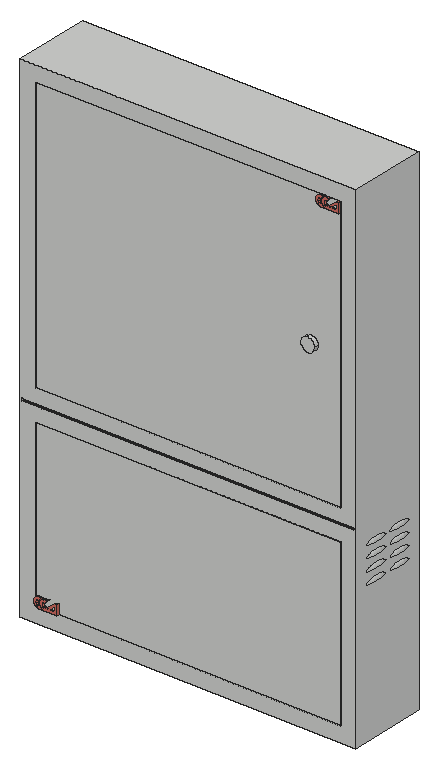
Revit family "120909-00127 Шкаф ШРП-В800, без плинтов ССД", category Обобщенные модели, Revit 2019
Family settings
  Может служить основой для арматурных стержней = Нет
  Размер круглого соединителя = Использовать диаметр
  Тип детали = Нормальный
  На основе рабочей плоскости = Нет
  Всегда вертикально = Да
  При загрузке вырезать с полостями = Нет
  Общий = Нет
  Точка расчета площади = Нет
Parameters (values of type "ШРП-В/800 (пустой)")
  Толшина 5 = 5 mm  # constant formula
  Смещение от пола [instance] = 300 mm
  Описание = "Шкаф ШРП-В/800, без плинтов ССД"
  Ноль = 0 mm  # constant formula
  Материал каркаса = RAL 7035
  Материал букв = Красный металл
  Видимость шпонки [instance] = if(ADSK_Размер_Глубина > 250 mm, 1 = 1, 1 = 0)  # no
  ADSK_Этаж [instance] = ""
  ADSK_Размер_Ширина = 860 mm
  ADSK_Размер_Глубина = 200 mm
  ADSK_Размер_Высота = 1280 mm
  ADSK_Примечание [instance] = ""
  ADSK_Предел огнестойкости = ""
  ADSK_Позиция [instance] = ""
  ADSK_Обозначение = ""
  ADSK_Наименование краткое = "ШРП-В/800 (пустой)"
  ADSK_Наименование = "Шкаф ШРП-В/800, без плинтов ССД"
  ADSK_Масса_Текст = "50.5"
  ADSK_Марка [instance] = ""
  ADSK_Количество [instance] = 1  # constant formula
  ADSK_Код изделия = "120909-00127"
  ADSK_Зона = ""
  ADSK_Завод-изготовитель = "АО СВЯЗЬСТРОЙДЕТАЛЬ"  # constant formula
  ADSK_Единица измерения = "шт"  # constant formula
  ADSK_URL страницы изделия = "https://www.ssd.ru/shkaf-shrp-v-800-bez-plintov"
  ADSK_URL документации изделия = "shr_decl_2017.pdf (ssd.ru)"
Reference planes
  plane 1 "тттт": y = 0
  plane 2: z = 0
  plane 3 "УУУУ": x = 0
  plane 4: y = 100
  plane 5 "ЕЕЕ": y = -100
  plane 6: x = 430
  plane 7: x = -430
  plane 8: z = 300
  plane 9: z = 800
  plane 10: z = 1580
  plane 11 "Внутриность": y = 96
  plane 12: y = -96
  plane 13: x = -426
  plane 14: x = 426
  plane 15 "П1": z = 761
  plane 16: z = 339
  plane 17: z = 1541
  plane 18: z = 839
  plane 19: x = -391
  plane 20: x = 391
  plane 21: z = 803.251
  plane 22: z = 796.957
  plane 23: z = 1576.047
  plane 24: z = 304
  plane 25: y = -37
  plane 26: y = 37
  plane 27 "П2": z = 750
  plane 28 "П3": z = 720
  plane 29 "П4": z = 690
  plane 30 "П5": z = 660
  plane 31: z = 1190
  plane 32: x = 315
  plane 33: y = -110
Forms (mm)
  Extrusion 1, void, not visible, detail levels fine
    sketch origin (-20, 0, 0) x (1, 0, 0) y (0, 0, 1)
      loop
        arc (-281.999, 290) -> (-261.999, 270) -> (-241.999, 290) r 20
        line (-241.999, 290) -> (-241.999, 370)
        arc (-241.999, 370) -> (-261.999, 390) -> (-281.999, 370) r 20
        line (-281.999, 370) -> (-281.999, 290)
    from 90 to 190
  Extrusion 2, void, not visible
    sketch origin (-20, 0, 225) x (1, 0, 0) y (0, 0, 1)
      loop
        circle (-261.999, 215) r 6.5
    from 90 to 190
  Extrusion 3, void, not visible, detail levels fine
    sketch origin (20, 0, 0) x (-1, 0, 0) y (0, 0, -1)
      loop
        line (-281.999, -290) -> (-281.999, -370)
        arc (-281.999, -370) -> (-261.999, -390) -> (-241.999, -370) r 20
        line (-241.999, -370) -> (-241.999, -290)
        arc (-241.999, -290) -> (-261.999, -270) -> (-281.999, -290) r 20
    from 90 to 190
  Extrusion 4, void, not visible
    sketch origin (20, 0, 225) x (-1, 0, 0) y (0, 0, -1)
      loop
        circle (-261.999, -215) r 6.5
    from 90 to 190
  Extrusion 5, void, not visible
    sketch origin (0, 0, 220) x (0, 1, 0) y (0, 0, 1)
      loop
        circle (-102, 220) r 3.036
      loop
        circle (-172.959, 220) r 3.036
      loop
        circle (-122, 237) r 3.036
      loop
        circle (-157.959, 237) r 3.036
      loop
        circle (-121.964, 203) r 3.036
      loop
        circle (-158.036, 203) r 3.036
      loop
        arc (-162.48, 75) -> (-137.48, 50) -> (-112.48, 75) r 25
        line (-112.48, 75) -> (-112.48, 145)
        arc (-112.48, 145) -> (-137.48, 170) -> (-162.48, 145) r 25
        line (-162.48, 145) -> (-162.48, 75)
    from -312 to 312
  Extrusion 6, solid, material "RAL 7035" <- "Материал каркаса", detail levels medium+fine
    sketch origin (0, 0, 0) x (1, 0, 0) y (0, 0, 1)
      loop
        line (-430, 1580) -> (-430, 300) -> (430, 300) -> (430, 1580) -> (-430, 1580)
    from -100 to -96
  Extrusion 7, solid, material "RAL 7035" <- "Материал каркаса", detail levels medium+fine
    sketch origin (0, 0, 0) x (0, 1, 0) y (0, 0, 1)
      loop
        line (-100, 1580) -> (-100, 300) -> (100, 300) -> (100, 1580) -> (-100, 1580)
    from 426 to 430
  Extrusion 8, solid, material "RAL 7035" <- "Материал каркаса", detail levels medium+fine
    sketch origin (0, 0, 0) x (0, 1, 0) y (0, 0, 1)
      loop
        line (-100, 1580) -> (-100, 300) -> (100, 300) -> (100, 1580) -> (-100, 1580)
    from -430 to -426
  Extrusion 9, solid, material "RAL 7035" <- "Материал каркаса", detail levels medium+fine
    sketch origin (0, 0, 0) x (1, 0, 0) y (0, 0, 1)
      loop
        line (-430, 1580) -> (-430, 803.251) -> (430, 803.251) -> (430, 1580) -> (-430, 1580)
      loop
        line (430, 300) -> (430, 796.957) -> (-430, 796.957) -> (-430, 300) -> (430, 300)
      loop
        line (-391, 1541) -> (-391, 839) -> (391, 839) -> (391, 1541) -> (-391, 1541)
      loop
        line (-391, 761) -> (-391, 339) -> (391, 339) -> (391, 761) -> (-391, 761)
    from 96 to 100
  Extrusion 10, solid, material "RAL 7035" <- "Материал каркаса", detail levels medium+fine
    sketch origin (0, 0, 0) x (1, 0, 0) y (0, 0, 1)
      loop
        line (-391, 1541) -> (-391, 839) -> (391, 839) -> (391, 1541) -> (-391, 1541)
      loop
        line (-391, 761) -> (-391, 339) -> (391, 339) -> (391, 761) -> (-391, 761)
    from 96 to 100
  Extrusion 11, solid, material "RAL 7035" <- "Материал каркаса", detail levels medium+fine
    sketch origin (0, 0, 0) x (1, 0, 0) y (0, 1, 0)
      loop
        line (-430, 100) -> (-430, -100) -> (430, -100) -> (430, 100) -> (-430, 100)
    from 300 to 304
  Extrusion 12, solid, material "RAL 7035" <- "Материал каркаса", detail levels medium+fine
    sketch origin (0, 0, 0) x (1, 0, 0) y (0, 1, 0)
      loop
        line (-430, 100) -> (-430, -100) -> (430, -100) -> (430, 100) -> (-430, 100)
    from 1576.047 to 1580
  Extrusion 13, solid, material "RAL 7035" <- "Материал каркаса", detail levels medium+fine
    sketch origin (0, 0, 0) x (1, 0, 0) y (0, 0, 1)
      loop
        circle (315, 1190) r 17.5
    from 100 to 110
  Extrusion 14, solid, material "RAL 7035" <- "Материал каркаса", detail levels coarse
    sketch origin (0, 0, 0) x (1, 0, 0) y (0, 1, 0)
      loop
        line (-430, 100) -> (-430, -100) -> (430, -100) -> (430, 100) -> (-430, 100)
    from 300 to 1580
Cuts and joins
  joined: Extrusion 6, Extrusion 7, Extrusion 8, Extrusion 9, Extrusion 11, Extrusion 12
Dimensions and locks
  equal spacing: plane 7, plane 3 "УУУУ", plane 6
  equal spacing: plane 5 "ЕЕЕ", plane 1 "тттт", plane 4
  "Смещение от пола": plane 2 to plane 8
  "ADSK_Размер_Ширина": plane 7 to plane 6
  "ADSK_Размер_Глубина": plane 4 to plane 5 "ЕЕЕ"
  locked: plane 9 to plane 8 at 500
  "ADSK_Размер_Высота": plane 10 to plane 8
  locked: plane 4 to plane 11 "Внутриность" at 4
  locked: plane 5 "ЕЕЕ" to plane 12 at 4
  locked: plane 7 to plane 13 at 4
  locked: plane 14 to plane 6 at 4
  locked: plane 9 to plane 15 "П1" at 39
  locked: plane 16 to plane 8 at 39
  locked: plane 18 to plane 9 at 39
  locked: plane 10 to plane 17 at 39
  locked: plane 21 to plane 9 at 3.251
  locked: plane 9 to plane 22 at 3.043
  locked: plane 10 to plane 23 at 3.953
  locked: plane 24 to plane 8 at 4
  locked: plane 5 "ЕЕЕ" to plane 25 at 63
  locked: plane 26 to plane 4 at 63
  locked: plane 27 "П2" to plane 9 at 50
  locked: plane 28 "П3" to plane 27 "П2" at 30
  locked: plane 29 "П4" to plane 28 "П3" at 30
  locked: plane 19 to plane 7 at 39
  locked: plane 20 to plane 6 at 39
  locked: plane 30 "П5" to plane 29 "П4" at 30
  equal spacing: plane 10, plane 31, plane 9
  locked: plane 6 to plane 32 at 115
  locked: plane 5 "ЕЕЕ" to plane 33 at 10
  aligned and locked: level to plane 2
  aligned and locked: plane 10 to Extrusion 6 sketch curve
  aligned and locked: plane 7 to Extrusion 6 sketch curve
  aligned and locked: Extrusion 6 sketch curve to plane 6
  aligned and locked: Extrusion 6 sketch curve to plane 8
  aligned and locked: plane 4 to Extrusion 6
  aligned and locked: Extrusion 6 to plane 11 "Внутриность"
  aligned and locked: plane 10 to Extrusion 7 sketch curve
  aligned and locked: Extrusion 7 sketch curve to plane 5 "ЕЕЕ"
  aligned and locked: Extrusion 7 sketch curve to Extrusion 6  (x2)
  aligned and locked: Extrusion 7 to plane 14
  aligned and locked: plane 6 to Extrusion 7
  aligned and locked: plane 10 to Extrusion 8 sketch curve
  aligned and locked: Extrusion 8 sketch curve to plane 5 "ЕЕЕ"
  aligned and locked: Extrusion 8 sketch curve to cut or joined group of Extrusion 6, Extrusion 7, Extrusion 8, Extrusion 9, Extrusion 11, Extrusion 12  (x2)
  aligned and locked: Extrusion 8 to plane 7
  aligned and locked: plane 13 to Extrusion 8
  aligned and locked: Extrusion 9 sketch curve to cut or joined group of Extrusion 6, Extrusion 7, Extrusion 8, Extrusion 9, Extrusion 11, Extrusion 12  (x2)
  aligned and locked: plane 17 to Extrusion 9 sketch curve
  aligned and locked: Extrusion 9 sketch curve to plane 19  (x2)
  aligned and locked: plane 18 to Extrusion 9 sketch curve
  aligned and locked: plane 20 to Extrusion 9 sketch curve  (x2)
  aligned and locked: plane 15 "П1" to Extrusion 9 sketch curve
  aligned and locked: Extrusion 9 sketch curve to plane 16
  aligned and locked: plane 21 to Extrusion 9 sketch curve
  aligned and locked: Extrusion 9 sketch curve to plane 22
  aligned and locked: Extrusion 9 sketch curve to plane 7
  aligned and locked: Extrusion 9 sketch curve to plane 6  (x2)
  aligned and locked: plane 7 to Extrusion 9 sketch curve
  aligned and locked: plane 12 to Extrusion 9
  aligned and locked: plane 5 "ЕЕЕ" to Extrusion 9
  aligned and locked: Extrusion 10 sketch curve to cut or joined group of Extrusion 6, Extrusion 7, Extrusion 8, Extrusion 9, Extrusion 11, Extrusion 12  (x8)
  aligned and locked: plane 12 to Extrusion 10
  aligned and locked: plane 5 "ЕЕЕ" to Extrusion 10
  aligned and locked: Extrusion 11 sketch curve to cut or joined group of Extrusion 6, Extrusion 7, Extrusion 8, Extrusion 9, Extrusion 11, Extrusion 12  (x2)
  aligned and locked: Extrusion 11 sketch curve to plane 5 "ЕЕЕ"
  aligned and locked: Extrusion 11 sketch curve to plane 6
  aligned and locked: plane 24 to Extrusion 11
  aligned and locked: plane 8 to Extrusion 11
  aligned and locked: Extrusion 12 sketch curve to plane 4
  aligned and locked: plane 7 to Extrusion 12 sketch curve
  aligned and locked: Extrusion 12 sketch curve to plane 5 "ЕЕЕ"
  aligned and locked: Extrusion 12 sketch curve to plane 6
  aligned and locked: plane 23 to Extrusion 12
  aligned and locked: Extrusion 12 to plane 10
  aligned and locked: plane 6 to cut or joined group of Extrusion 6, Extrusion 7, Extrusion 8, Extrusion 9, Extrusion 11, Extrusion 12
  aligned and locked: nested 1 to plane 25
  aligned and locked: plane 6 to nested 1
  aligned and locked: nested 2 to plane 1 "тттт"
  aligned and locked: plane 6 to nested 2
  aligned and locked: nested 3 to plane 26
  aligned and locked: plane 6 to nested 3
  aligned and locked: plane 27 "П2" to nested 3
  aligned and locked: plane 27 "П2" to nested 2
  aligned and locked: plane 27 "П2" to nested 1
  aligned and locked: plane 28 "П3" to nested 6
  aligned and locked: plane 28 "П3" to nested 5
  aligned and locked: plane 28 "П3" to nested 4
  aligned and locked: plane 29 "П4" to nested 9
  aligned and locked: plane 29 "П4" to nested 8
  aligned and locked: plane 29 "П4" to nested 7
  aligned and locked: plane 30 "П5" to nested 12
  aligned and locked: plane 30 "П5" to nested 11
  aligned and locked: plane 30 "П5" to nested 10
  aligned and locked: nested 6 to plane 26
  aligned and locked: nested 5 to plane 1 "тттт"
  aligned and locked: nested 4 to plane 25
  aligned and locked: plane 6 to nested 6
  aligned and locked: plane 6 to nested 5
  aligned and locked: plane 6 to nested 4
  aligned and locked: nested 9 to plane 26
  aligned and locked: nested 8 to plane 1 "тттт"
  aligned and locked: nested 7 to plane 25
  aligned and locked: plane 6 to nested 9
  aligned and locked: plane 6 to nested 8
  aligned and locked: plane 6 to nested 7
  aligned and locked: nested 12 to plane 26
  aligned and locked: nested 11 to plane 1 "тттт"
  aligned and locked: nested 10 to plane 25
  aligned and locked: plane 6 to nested 12
  aligned and locked: plane 6 to nested 11
  aligned and locked: plane 6 to nested 10
  aligned and locked: plane 26 to nested 15
  aligned and locked: plane 1 "тттт" to nested 14
  aligned and locked: plane 25 to nested 13
  aligned and locked: nested 13 to plane 7
  aligned and locked: nested 14 to plane 7
  aligned and locked: nested 15 to plane 7
  aligned and locked: plane 27 "П2" to nested 15
  aligned and locked: plane 27 "П2" to nested 14
  aligned and locked: plane 27 "П2" to nested 13
  aligned and locked: nested 13 to plane 27 "П2"
  aligned and locked: nested 14 to plane 27 "П2"
  aligned and locked: nested 15 to plane 27 "П2"
  aligned and locked: plane 28 "П3" to nested 16
  aligned and locked: plane 28 "П3" to nested 17
  aligned and locked: plane 28 "П3" to nested 18
  aligned and locked: plane 29 "П4" to nested 19
  aligned and locked: plane 29 "П4" to nested 20
  aligned and locked: plane 29 "П4" to nested 21
  aligned and locked: plane 30 "П5" to nested 22
  aligned and locked: plane 30 "П5" to nested 23
  aligned and locked: plane 30 "П5" to nested 24
  aligned and locked: plane 25 to nested 16
  aligned and locked: plane 1 "тттт" to nested 17
  aligned and locked: plane 26 to nested 18
  aligned and locked: nested 16 to plane 7
  aligned and locked: nested 17 to plane 7
  aligned and locked: nested 18 to plane 7
  aligned and locked: plane 26 to nested 21
  aligned and locked: nested 21 to plane 7
  aligned and locked: plane 1 "тттт" to nested 20
  aligned and locked: nested 20 to plane 7
  aligned and locked: plane 25 to nested 19
  aligned and locked: nested 19 to plane 7
  aligned and locked: plane 25 to nested 22
  aligned and locked: plane 1 "тттт" to nested 23
  aligned and locked: plane 26 to nested 24
  aligned and locked: nested 24 to plane 7
  aligned and locked: nested 23 to plane 7
  aligned and locked: nested 22 to plane 7
  aligned and locked: plane 32 to Extrusion 13 sketch curve
  aligned and locked: plane 31 to Extrusion 13 sketch curve
  aligned and locked: Extrusion 13 to plane 5 "ЕЕЕ"
  aligned and locked: Extrusion 13 to plane 33
  aligned and locked: plane 5 "ЕЕЕ" to nested 25
  aligned and locked: plane 5 "ЕЕЕ" to nested 26
  aligned and locked: nested 25 to plane 19
  aligned and locked: nested 25 to plane 16
  aligned and locked: plane 20 to nested 26
  aligned and locked: plane 17 to nested 26
  aligned and locked: Extrusion 14 sketch curve to plane 5 "ЕЕЕ"
  aligned and locked: plane 7 to Extrusion 14 sketch curve
  aligned and locked: Extrusion 14 sketch curve to plane 4
  aligned and locked: Extrusion 14 sketch curve to plane 6
  aligned and locked: Extrusion 14 to plane 10
  aligned and locked: plane 8 to Extrusion 14
  aligned and locked: plane 7 to nested 27
  aligned and locked: plane 6 to nested 27
  aligned and locked: nested 27 to plane 10
  aligned and locked: plane 8 to nested 27
Automatic sketch dimensions
  radius of Extrusion 13 sketch curve = 17.5 mm
Nested families
  nested 1: "Впадина" at (430, -37, 750) x (0, 1, 0) z (0, 0, 1), Материал <- "Материал каркаса", type "Впадина", detail levels fine
    with Материал RAL 7035
  nested 2: "Впадина" at (430, 0, 750) x (0, 1, 0) z (0, 0, 1), Материал <- "Материал каркаса", visible <- "Видимость шпонки", type "Впадина", detail levels fine
    with Материал RAL 7035
  nested 3: "Впадина" at (430, 37, 750) x (0, 1, 0) z (0, 0, 1), Материал <- "Материал каркаса", type "Впадина", detail levels fine
    with Материал RAL 7035
  nested 4: "Впадина" at (430, -37, 720) x (0, 1, 0) z (0, 0, 1), Материал <- "Материал каркаса", type "Впадина", detail levels fine
    with Материал RAL 7035
  nested 5: "Впадина" at (430, 0, 720) x (0, 1, 0) z (0, 0, 1), Материал <- "Материал каркаса", visible <- "Видимость шпонки", type "Впадина", detail levels fine
    with Материал RAL 7035
  nested 6: "Впадина" at (430, 37, 720) x (0, 1, 0) z (0, 0, 1), Материал <- "Материал каркаса", type "Впадина", detail levels fine
    with Материал RAL 7035
  nested 7: "Впадина" at (430, -37, 690) x (0, 1, 0) z (0, 0, 1), Материал <- "Материал каркаса", type "Впадина", detail levels fine
    with Материал RAL 7035
  nested 8: "Впадина" at (430, 0, 690) x (0, 1, 0) z (0, 0, 1), Материал <- "Материал каркаса", visible <- "Видимость шпонки", type "Впадина", detail levels fine
    with Материал RAL 7035
  nested 9: "Впадина" at (430, 37, 690) x (0, 1, 0) z (0, 0, 1), Материал <- "Материал каркаса", type "Впадина", detail levels fine
    with Материал RAL 7035
  nested 10: "Впадина" at (430, -37, 660) x (0, 1, 0) z (0, 0, 1), Материал <- "Материал каркаса", type "Впадина", detail levels fine
    with Материал RAL 7035
  nested 11: "Впадина" at (430, 0, 660) x (0, 1, 0) z (0, 0, 1), Материал <- "Материал каркаса", visible <- "Видимость шпонки", type "Впадина", detail levels fine
    with Материал RAL 7035
  nested 12: "Впадина" at (430, 37, 660) x (0, 1, 0) z (0, 0, 1), Материал <- "Материал каркаса", type "Впадина", detail levels fine
    with Материал RAL 7035
  nested 13: "Впадина" at (-430, -37, 750) x (0, -1, 0) z (0, 0, 1), Материал <- "Материал каркаса", type "Впадина", detail levels fine
    with Материал RAL 7035
  nested 14: "Впадина" at (-430, 0, 750) x (0, -1, 0) z (0, 0, 1), Материал <- "Материал каркаса", visible <- "Видимость шпонки", type "Впадина", detail levels fine
    with Материал RAL 7035
  nested 15: "Впадина" at (-430, 37, 750) x (0, -1, 0) z (0, 0, 1), Материал <- "Материал каркаса", type "Впадина", detail levels fine
    with Материал RAL 7035
  nested 16: "Впадина" at (-430, -37, 720) x (0, -1, 0) z (0, 0, 1), Материал <- "Материал каркаса", type "Впадина", detail levels fine
    with Материал RAL 7035
  nested 17: "Впадина" at (-430, 0, 720) x (0, -1, 0) z (0, 0, 1), Материал <- "Материал каркаса", visible <- "Видимость шпонки", type "Впадина", detail levels fine
    with Материал RAL 7035
  nested 18: "Впадина" at (-430, 37, 720) x (0, -1, 0) z (0, 0, 1), Материал <- "Материал каркаса", type "Впадина", detail levels fine
    with Материал RAL 7035
  nested 19: "Впадина" at (-430, -37, 690) x (0, -1, 0) z (0, 0, 1), Материал <- "Материал каркаса", type "Впадина", detail levels fine
    with Материал RAL 7035
  nested 20: "Впадина" at (-430, 0, 690) x (0, -1, 0) z (0, 0, 1), Материал <- "Материал каркаса", visible <- "Видимость шпонки", type "Впадина", detail levels fine
    with Материал RAL 7035
  nested 21: "Впадина" at (-430, 37, 690) x (0, -1, 0) z (0, 0, 1), Материал <- "Материал каркаса", type "Впадина", detail levels fine
    with Материал RAL 7035
  nested 22: "Впадина" at (-430, -37, 660) x (0, -1, 0) z (0, 0, 1), Материал <- "Материал каркаса", type "Впадина", detail levels fine
    with Материал RAL 7035
  nested 23: "Впадина" at (-430, 0, 660) x (0, -1, 0) z (0, 0, 1), Материал <- "Материал каркаса", visible <- "Видимость шпонки", type "Впадина", detail levels fine
    with Материал RAL 7035
  nested 24: "Впадина" at (-430, 37, 660) x (0, -1, 0) z (0, 0, 1), Материал <- "Материал каркаса", type "Впадина", detail levels fine
    with Материал RAL 7035
  nested 25: "ССД" at (-361.016, -100, 339), Материал <- "Материал букв", type "ССД", detail levels fine
    with Материал Красный металл
  nested 26: "ССД" at (361.016, -100, 1515), Материал <- "Материал букв", type "ССД", detail levels fine
    with Материал Красный металл
  nested 27: "ЭУ_Шкаф большой фасад" at (0, 0, 300) x (1, 0, 0) z (0, -1, 0), ADSK_Размер_Высота <- "ADSK_Размер_Высота", ADSK_Размер_Ширина <- "ADSK_Размер_Ширина", type "ЭУ_Шкаф большой фасад", detail levels coarse
    with ADSK_Размер_Ширина 860 mm, ADSK_Размер_Высота 1280 mm
Definition of nested family "Впадина"
  Parameters (values of type "Впадина")
    Материал [instance] = none
    ADSK_Размер_Ширина = 64 mm
  Reference planes
    plane 1 "По центру (Вперед/Назад)": y = 0
    plane 2: z = 0
    plane 3 "По центру (Влево/Вправо)": x = 0
    plane 4: y = -5
    plane 5: x = -32
    plane 6: x = 32
  Forms (mm)
    Sweep 1, solid, material <- "Материал"
      path origin (0, 0, 0) x (1, 0, 0) y (0, 1, 0)
        loop
          arc (-32, 0) -> (0, -5) -> (32, 0) r 104.9
      profile origin (0, -5, 0) x (0, 1, 0) y (0, 0, 1)
        loop
          line (0, 0) -> (1.008, 0)
          arc (1.008, 0) -> (2.037, 5.808) -> (5, 10.909) r 16.9
          line (5, 10.909) -> (5, 12)
          arc (5, 12) -> (1.3, 6.5) -> (0, 0) r 16.9
  Lines and regions (mm)
    symbolic lines
      curve 1: line (-32, 0, 0) -> (32, 0, 0)
      curve 2: line (0, 0, 0) -> (0, -5, 0)
      curve 3: line (-32, 0, 0) -> (32, 0, 0)
  Dimensions and locks
    equal spacing: plane 5, plane 3 "По центру (Влево/Вправо)", plane 6
    "ADSK_Размер_Ширина": plane 5 to plane 6
    plane 4 to plane 1 "По центру (Вперед/Назад)" = 5 mm
    aligned and locked: level to plane 2
    aligned and locked: plane 5 to Sweep 1 sketch curve
    aligned and locked: plane 1 "По центру (Вперед/Назад)" to Sweep 1 sketch curve  (x3)
    aligned and locked: plane 6 to Sweep 1 sketch curve
    aligned and locked: plane 1 "По центру (Вперед/Назад)" to curve 1
    aligned and locked: curve 2 to plane 3 "По центру (Влево/Вправо)"
    aligned and locked: curve 3 to plane 2
  Automatic sketch dimensions
    Sweep 1 sketch curve to plane 1 "По центру (Вперед/Назад)" = 99.9 mm
    Sweep 1 sketch curve to profile plane = 0 mm
    Sweep 1 sketch curve to level = 0 mm
    Sweep 1 sketch curve to Sweep 1 sketch curve = 11.9 mm
    Sweep 1 sketch curve to Sweep 1 sketch curve = 1.008 mm
    Sweep 1 sketch curve to Sweep 1 sketch curve = 1.091 mm
    curve 1 to plane 5 = 0 mm
    curve 1 to plane 6 = 0 mm
    curve 2 to plane 4 = 0 mm
    curve 3 to plane 5 = 0 mm
    curve 3 to plane 6 = 0 mm
Definition of nested family "ССД"
  Parameters (values of type "ССД")
    Материал [instance] = none
  Reference planes
    plane 1 "По центру (Вперед/Назад)": y = 0
    plane 2: z = 0
    plane 3 "По центру (Влево/Вправо)": x = 0
    plane 4: y = -5
    plane 5: z = 26
    plane 6: x = -29.984
    plane 7: x = 29.984
  Forms (mm)
    Extrusion 1, solid, material <- "Материал"
      sketch origin (-4.748, 0, -135.953) x (1, 0, 0) y (0, 0, 1)
        loop
          arc (-12.562, 161.735) -> (-25.455, 148.886) -> (-12.605, 135.993) r 12.871
          line (-12.605, 135.993) -> (-5.127, 135.993)
          arc (-5.127, 135.993) -> (-8.341, 138.928) -> (-10.997, 142.376) r 24.946
          line (-10.997, 142.376) -> (-12.584, 142.376)
          arc (-12.584, 142.376) -> (-19.072, 148.864) -> (-12.584, 155.352) r 6.488
          line (-12.584, 155.352) -> (-10.972, 155.352)
          arc (-10.972, 155.352) -> (-8.292, 158.804) -> (-5.051, 161.735) r 24.946
          line (-5.051, 161.735) -> (-12.562, 161.735)
        loop
          arc (3.387, 161.709) -> (-9.505, 148.859) -> (3.344, 135.967) r 12.871
          line (3.344, 135.967) -> (34.291, 135.915) -> (34.334, 161.666) -> (28.9, 161.666) -> (8.095, 144.25) -> (16.764, 144.25) -> (28.888, 154.399) -> (28.868, 142.307) -> (3.34, 142.35)
          arc (3.34, 142.35) -> (-3.122, 148.856) -> (3.377, 155.326) r 6.488
          line (3.377, 155.326) -> (4.978, 155.326)
          arc (4.978, 155.326) -> (7.657, 158.777) -> (10.898, 161.709) r 24.946
          line (10.898, 161.709) -> (3.387, 161.709)
      from 0 to 5
  Lines and regions (mm)
    symbolic lines
      curve 1: line (-29.984, 0, 0) -> (29.984, 0, 0)
      curve 2: line (-29.984, 0, 26) -> (29.984, 0, 26)
      curve 3: line (-29.984, 0, 0) -> (-29.984, 0, 26)
      curve 4: line (29.984, 0, 0) -> (-29.984, 0, 0)
      curve 5: line (29.984, 0, 26) -> (29.984, 0, 0)
  Dimensions and locks
    locked: plane 1 "По центру (Вперед/Назад)" to plane 4 at 5
    locked: plane 5 to plane 2 at 26
    equal spacing: plane 7, plane 3 "По центру (Влево/Вправо)", plane 6
    locked: plane 7 to plane 6 at 59.968
    aligned and locked: level to plane 2
    aligned and locked: plane 1 "По центру (Вперед/Назад)" to curve 1
    aligned and locked: Extrusion 1 to plane 4
    aligned and locked: Extrusion 1 to plane 1 "По центру (Вперед/Назад)"
    aligned and locked: curve 2 to plane 5
    aligned and locked: plane 6 to curve 3
    aligned and locked: plane 2 to curve 4
    aligned and locked: curve 5 to plane 7
  Automatic sketch dimensions
    curve 1 to plane 6 = 0 mm
    curve 1 to plane 7 = 0 mm
    Extrusion 1 sketch curve to Extrusion 1 sketch curve = 0 mm  (x6)
    Extrusion 1 sketch curve to plane 3 "По центру (Влево/Вправо)" = 17.331 mm
    Extrusion 1 sketch curve to Extrusion 1 sketch curve = 0.022 mm
    Extrusion 1 sketch curve to Extrusion 1 sketch curve = 1.587 mm
    Extrusion 1 sketch curve to Extrusion 1 sketch curve = 1.612 mm
    Extrusion 1 sketch curve to plane 3 "По центру (Влево/Вправо)" = 9.875 mm
    Extrusion 1 sketch curve to plane 3 "По центру (Влево/Вправо)" = 1.407 mm
    Extrusion 1 sketch curve to plane 3 "По центру (Влево/Вправо)" = 1.382 mm
    Extrusion 1 sketch curve to plane 3 "По центру (Влево/Вправо)" = 1.371 mm
    Extrusion 1 sketch curve to plane 3 "По центру (Влево/Вправо)" = 1.36 mm
    Extrusion 1 sketch curve to Extrusion 1 sketch curve = 1.601 mm
    Extrusion 1 sketch curve to Extrusion 1 sketch curve = 4.755 mm
    Extrusion 1 sketch curve to Extrusion 1 sketch curve = 1.902 mm
    Extrusion 1 sketch curve to Extrusion 1 sketch curve = 5.043 mm
    Extrusion 1 sketch curve to Extrusion 1 sketch curve = 0.878 mm
    Extrusion 1 sketch curve to Extrusion 1 sketch curve = 6.767 mm
    Extrusion 1 sketch curve to plane 7 = 8.785 mm
    Extrusion 1 sketch curve to plane 7 = 5.864 mm
    Extrusion 1 sketch curve to plane 7 = 5.844 mm
    Extrusion 1 sketch curve to plane 7 = 5.831 mm
    Extrusion 1 sketch curve to plane 7 = 0.44 mm
    Extrusion 1 sketch curve to plane 7 = 0.397 mm
    Extrusion 1 sketch curve to plane 5 = 26.038 mm
    Extrusion 1 sketch curve to Extrusion 1 sketch curve = 0.079 mm
    Extrusion 1 sketch curve to Extrusion 1 sketch curve = 5.898 mm
    Extrusion 1 sketch curve to Extrusion 1 sketch curve = 0.027 mm
    Extrusion 1 sketch curve to Extrusion 1 sketch curve = 0.494 mm
    Extrusion 1 sketch curve to Extrusion 1 sketch curve = 0.51 mm
    Extrusion 1 sketch curve to Extrusion 1 sketch curve = 6.383 mm
    Extrusion 1 sketch curve to Extrusion 1 sketch curve = 2.411 mm
    Extrusion 1 sketch curve to Extrusion 1 sketch curve = 6.488 mm  (x2)
    Extrusion 1 sketch curve to Extrusion 1 sketch curve = 12.092 mm
    Extrusion 1 sketch curve to Extrusion 1 sketch curve = 7.267 mm
    Extrusion 1 sketch curve to plane 3 "По центру (Влево/Вправо)" = 9.798 mm
    Extrusion 1 sketch curve to plane 3 "По центру (Влево/Вправо)" = 1.404 mm
Definition of nested family "ЭУ_Шкаф большой фасад"
  Parameters (values of type "ЭУ_Шкаф большой фасад")
    ADSK_Размер_Ширина [instance] = 640 mm
    ADSK_Размер_Высота [instance] = 1180 mm
  Reference planes
    plane 1 "По центру (Вперед/Назад)": y = 0
    plane 2: z = 0
    plane 3 "По центру (Влево/Вправо)": x = 0
    plane 4: x = -320
    plane 5: x = 320
    plane 6: y = 1180
    plane 7: y = 1141
    plane 8 "По центру (В/О": y = 39
    plane 9: x = -281
    plane 10: x = 281
    plane 11 "По центру (В/П": y = 559
    plane 12 "По центру (В/Р": y = 520
    plane 13 "По центру (В/С": y = 598
    plane 14: x = 200
    plane 15: y = 869.5
  Lines and regions (mm)
    detail lines, in view "Опорный уровень"
      curve 1: line (-320, 1180, 0) -> (320, 1180, 0)
      curve 2: line (-320, 0, 0) -> (-320, 1180, 0)
      curve 3: line (320, 0, 0) -> (-320, 0, 0)
      curve 4: line (320, 1180, 0) -> (320, 0, 0)
      curve 5: line (-281, 1141, 0) -> (281, 1141, 0)
      curve 6: line (-281, 598, 0) -> (-281, 1141, 0)
      curve 7: line (281, 598, 0) -> (-281, 598, 0)
      curve 8: line (-281, 520, 0) -> (281, 520, 0)
      curve 9: line (-281, 39, 0) -> (-281, 520, 0)
      curve 10: line (281, 39, 0) -> (-281, 39, 0)
      curve 11: line (281, 520, 0) -> (281, 39, 0)
      curve 12: circle (200, 869.5, 0) r 20 normal (0, 0, 1)
      curve 13: line (281, 1141, 0) -> (281, 598, 0)
  Dimensions and locks
    equal spacing: plane 4, plane 3 "По центру (Влево/Вправо)", plane 5
    "ADSK_Размер_Ширина": plane 4 to plane 5
    "ADSK_Размер_Высота": plane 6 to plane 1 "По центру (Вперед/Назад)"
    locked: plane 1 "По центру (Вперед/Назад)" to plane 8 "По центру (В/О" at 39
    locked: plane 6 to plane 7 at 39
    locked: plane 10 to plane 5 at 39
    locked: plane 4 to plane 9 at 39
    locked: plane 12 "По центру (В/Р" to plane 11 "По центру (В/П" at 39
    locked: plane 13 "По центру (В/С" to plane 11 "По центру (В/П" at 39
    equal spacing: plane 7, plane 15, plane 13 "По центру (В/С"
    aligned and locked: curve 1 to plane 6
    aligned and locked: plane 4 to curve 2
    aligned and locked: curve 3 to plane 1 "По центру (Вперед/Назад)"
    aligned and locked: curve 4 to plane 5
    aligned and locked: curve 5 to plane 7
    aligned and locked: plane 9 to curve 6
    aligned and locked: plane 13 "По центру (В/С" to curve 7
    aligned and locked: plane 12 "По центру (В/Р" to curve 8
    aligned and locked: plane 9 to curve 9
    aligned and locked: curve 10 to plane 8 "По центру (В/О"
    aligned and locked: plane 15 to curve 12
    aligned and locked: plane 14 to curve 12
    aligned and locked: curve 11 to plane 10
    aligned and locked: curve 13 to plane 10
  Automatic sketch dimensions
    radius of curve 12 = 20 mm
